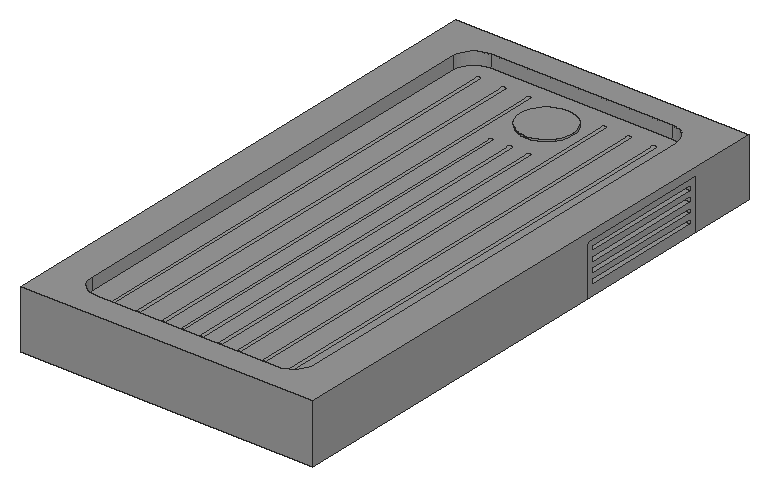
Revit family "RECEPTACULO ZEN CON REJILLA 1300x700", category Plumbing Fixtures, Revit 2019
Family settings
  Round Connector Dimension = Use Diameter
  Part Type = Normal
  OmniClass Number = 23.45.00.00
  OmniClass Title = Sanitary, Laundry, and Cleaning Equipment
  Work Plane-Based = No
  Always vertical = Yes
  Cut with Voids When Loaded = No
  Shared = No
  Room Calculation Point = No
Reference planes
  plane 1 "Center (Front/Back)": y = 0
  plane 2: z = 0
  plane 3 "Center (Left/Right)": x = 0
Forms (mm)
  Extrusion 1, solid
    sketch origin (0, 0, 0) x (1, 0, 0) y (0, 1, 0)
      loop
        line (0, -270) -> (700, -270) -> (700, 1030) -> (0, 1030) -> (0, -270)
    from 0 to 140
  Extrusion 2, void
    sketch origin (0, 0, 0) x (1, 0, 0) y (0, 1, 0)
      loop
        arc (132.789, 970) -> (97.434, 955.355) -> (82.789, 920) r 50
        line (82.789, 920) -> (82.789, -160)
        arc (82.789, -160) -> (97.434, -195.355) -> (132.789, -210) r 50
        line (132.789, -210) -> (565.456, -210)
        arc (565.456, -210) -> (600.811, -195.355) -> (615.456, -160) r 50
        line (615.456, -160) -> (615.456, 920)
        arc (615.456, 920) -> (600.811, 955.355) -> (565.456, 970) r 50
        line (565.456, 970) -> (132.789, 970)
    from 110.528 to 155.528
  Extrusion 3, void
    sketch origin (0, 390, 0) x (0, 1, 0) y (0, 0, 1)
      loop
        line (480, 0) -> (480, 120) -> (160, 120) -> (160, 0) -> (480, 0)
    from 673.259 to 700
  Extrusion 4, solid
    sketch origin (0, 390, 0) x (0, 1, 0) y (0, 0, 1)
      loop
        line (160, 0) -> (480, 0) -> (480, 120) -> (160, 120) -> (160, 0)
      loop
        line (172, 24) -> (468, 24) -> (468, 36) -> (172, 36) -> (172, 24)
      loop
        line (468, 108) -> (172, 108) -> (172, 96) -> (468, 96) -> (468, 108)
      loop
        line (172, 84) -> (172, 72) -> (468, 72) -> (468, 84) -> (172, 84)
      loop
        line (172, 60) -> (172, 48) -> (468, 48) -> (468, 60) -> (172, 60)
    from 673.259 to 700
  Extrusion 5, solid
    sketch origin (0, 0, 0) x (1, 0, 0) y (0, 0, 1)
      loop
        line (135.456, 110.528) -> (142.789, 110.528)
        arc (142.789, 110.528) -> (139.122, 112.128) -> (135.456, 110.528) r 5
      loop
        line (195.456, 110.528) -> (202.789, 110.528)
        arc (202.789, 110.528) -> (199.122, 112.128) -> (195.456, 110.528) r 5
      loop
        line (255.456, 110.528) -> (262.789, 110.528)
        arc (262.789, 110.528) -> (259.122, 112.128) -> (255.456, 110.528) r 5
      loop
        line (435.456, 110.528) -> (442.789, 110.528)
        arc (442.789, 110.528) -> (439.122, 112.128) -> (435.456, 110.528) r 5
      loop
        line (495.456, 110.528) -> (502.789, 110.528)
        arc (502.789, 110.528) -> (499.122, 112.128) -> (495.456, 110.528) r 5
      loop
        line (555.456, 110.528) -> (562.789, 110.528)
        arc (562.789, 110.528) -> (559.122, 112.128) -> (555.456, 110.528) r 5
    from -925.537 to 168.585
  Extrusion 6, solid
    sketch origin (0, 0, 0) x (1, 0, 0) y (0, 0, 1)
      loop
        line (345.456, 110.528) -> (352.789, 110.528)
        arc (352.789, 110.528) -> (349.122, 112.128) -> (345.456, 110.528) r 5
      loop
        line (300.456, 110.528) -> (307.789, 110.528)
        arc (307.789, 110.528) -> (304.122, 112.128) -> (300.456, 110.528) r 5
      loop
        line (390.456, 110.528) -> (397.789, 110.528)
        arc (397.789, 110.528) -> (394.122, 112.128) -> (390.456, 110.528) r 5
    from -757.49 to 168.585
  Extrusion 7, solid
    sketch origin (0, 340, 0) x (1, 0, 0) y (0, 1, 0)
      loop
        circle (350, 525) r 62.5
    from 110.528 to 113.586
Cuts and joins
  Extrusion 2, Extrusion 3 cuts Extrusion 1
Lines and regions (mm)
  reference lines
    curve 1: line (350, 1030, 0) -> (350, 970, 0)
    curve 2: line (350, -270, 0) -> (350, -210, 0)
    curve 3: line (0, 1030, 70) -> (0, 870, 70)
Dimensions and locks
  aligned and locked: level to plane 2
